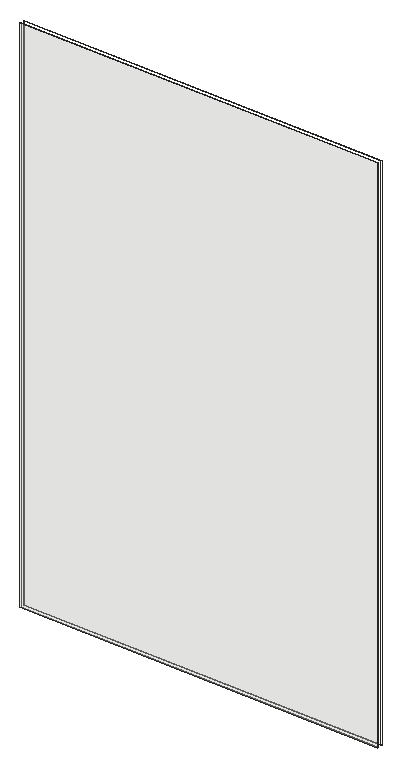
Revit family "Building-Materials_Glass-Glazing_Vitro-Architectural-Glass_SOLARBAN-60", category Curtain Panels, Revit 2026
Family settings
  Classification Number = 23.25.20.14.11.11.17
  Always vertical = Yes
  Cut with Voids When Loaded = No
  Shared = No
Parameters (values of type "Solarban 60 (2) Acuity + Acuity")
  Visual Light Transmittance = if(Glass Code = 1, 0.7, if(Glass Code = 2, 0.74, if(Glass Code = 3, 0.73, if(Glass Code = 4, 0.51, 0))))  # 0.73
  UV Light Transmittance = 0.2
  URL = "https://www.vitroglazings.com/"
  U-Value Argon (Winter Night) = 0.2400 BTU/(h·ft²·°F)
  U-Value Argon (Summer Day) = 0.2200 BTU/(h·ft²·°F)
  U-Value Air (Winter Night) = 0.2900 BTU/(h·ft²·°F)
  U-Value Air (Summer Day) = 0.2700 BTU/(h·ft²·°F)
  Total Thickness = Airspace Thickness + [1st Lite Thickness] + [2nd Lite Thickness]  # 0' - 1"
  Thermal Resistance (R) = 8.3333 (h·ft²·°F)/BTU  # constant formula
  Solar Light Transmittance = 0.35
  Solar Heat Gain Coefficient = if(Glass Code = 1, 0.39, if(Glass Code = 2, 0.41, if(Glass Code = 3, 0.41, if(Glass Code = 4, 0.32, 0))))  # 0.41
  Shadow Coefficient = 0.47
  Reflectance (Visible Interior) = 12
  Reflectance (Visible Exterior) = 11
  Product data url = "https://www.bimobject.com/vitroarchictecturalglass/product/solarban-60-solar-control-low-e-glass"
  Product Page URL = "https://www.vitroglazings.com/products/low-e-glass/solarban-60-glass/"
  Product Guid = "0178467a-f35e-4939-a411-7b08087ce613"
  Model = "Solarban 60 (2) Acuity + Acuity"
  Manufacturer = "Vitro Architectural Glass "  # constant formula
  Light to Solar Gain = 1.78
  Keynote = "08900"  # constant formula
  Interior Glass Material = Vitro Architectural-Glass - Acuity
  ISO Damage Weighted Transmittance = 0.565
  Heat Transfer Coefficient (U) = 0.2900 BTU/(h·ft²·°F)  # constant formula
  Glass Code = 3
  Finish = "Glass"  # constant formula
  Exterior Glass Material = Vitro Architectural-Glass - Solarban 60 (2) Acuity
  Description = "Achieve Year-Round Comfort with Energy Savings With its ability to block 62 percent of solar energy while allowing 70 percent of visible light to pass through, Solarban® 60 glass can help you provide year-round comfort with heating and cooling cost savings. Versatile Applications In addition to functioning with clear glass, Solarban® 60 glass also can be combined in insulating glass units (IGUs) with an outboard lite of tinted or reflective-tinted glass to increase aesthetic and performance options."  # constant formula
  Define Thermal Properties by = Schematic Type
  Assembly Code = "B2020220"
  Analytic Construction = "Low-E double glazing (1/4 in + 1/4 in)"
  Airspace Thickness = 0' - 0 1/2"  # constant formula
  2nd Lite Thickness = 0' - 0 1/4"  # constant formula
  1st Lite Thickness = 0' - 0 1/4"  # constant formula
Types (4): name | Visual Light Transmittance | UV Light Transmittance | Solar Light Transmittance | Solar Heat Gain Coefficient | Shadow Coefficient | Reflectance (Visible Interior) | Reflectance (Visible Exterior) | Model | Light to Solar Gain | Interior Glass Material | ISO Damage Weighted Transmittance | Glass Code | Exterior Glass Material
  Solarban 60 (2) Clear + Clear | 0.7 | 0.18 | 0.34 | 0.39 | 0.45 | 12 | 11 | "Solarban 60 (2) Clear + Clear" | 1.79 | Vitro Architectural-Glass - Clear | 0.533 | 1 | Vitro Architectural-Glass - Solarban 60 (2) Clear
  Solarban 60 (2) Starphire + Starphire | 0.74 | 0.24 | 0.39 | 0.41 | 0.48 | 12 | 11 | "Solarban 60 (2) Starphire + Starphire" | 1.8 | Vitro Architectural-Glass - Starphire | 0.58 | 2 | Vitro Architectural-Glass - Solarban 60 (2) Starphire
  Solarban 60 (2) Acuity + Acuity | 0.73 | 0.2 | 0.35 | 0.41 | 0.47 | 12 | 11 | "Solarban 60 (2) Acuity + Acuity" | 1.78 | Vitro Architectural-Glass - Acuity | 0.565 | 3 | Vitro Architectural-Glass - Solarban 60 (2) Acuity
  Solarban 60 (2) Optiblue + Clear | 0.51 | 0.14 | 0.26 | 0.32 | 0.37 | 11 | 8 | "Solarban 60 (2) Optiblue + Clear" | 1.59 | Vitro Architectural-Glass - Clear | 0.418 | 4 | Vitro Architectural-Glass - Solarban 60 (2) Optiblue
Reference planes (in)
  plane 1 "Front": y = 0
  plane 2: z = 0
  plane 3 "Center (Left/Right)": x = 0
  plane 4 "Left": x = -32.75106
  plane 5 "Right": x = 32.75106
  plane 6 "Top": z = 96
  plane 7: y = 0.25
  plane 8: y = -0.25
Forms (in)
  Extrusion 1, solid, material "Vitro Architectural-Glass - Acuity" <- "Interior Glass Material"
    sketch origin (0, 0.5, 0) x (1, 0, 0) y (0, 1, 0)
      loop
        line (-32.75106, 0) -> (-32.75106, -0.25) -> (32.75106, -0.25) -> (32.75106, 0) -> (-32.75106, 0)
    from 0 to 96
  Extrusion 2, solid, material "Vitro Architectural-Glass - Solarban 60 (2) Acuity" <- "Exterior Glass Material"
    sketch origin (0, -0.5, 0) x (1, 0, 0) y (0, 1, 0)
      loop
        line (-32.75106, 0.25) -> (-32.75106, 0) -> (32.75106, 0) -> (32.75106, 0.25) -> (-32.75106, 0.25)
    from 0 to 96
Text (in)
  text "Exterior" at (-54.29358, 31.38743, 0), in view "Ref. Level"
  text "Exterior" at (480, 41.53993, 89.60405), in view "Right"
  text "Exterior" at (-240, 57.82419, 105.78864), in view "Left"
Dimensions and locks (in)
  equal spacing: plane 4 "Left", plane 3 "Center (Left/Right)", plane 5 "Right"
  "2nd Lite Thickness": Extrusion 2 sketch curve to Extrusion 2 sketch curve
  equal spacing: plane 7, plane 1 "Front", plane 8
  "Airspace Thickness": plane 7 to plane 8
  "1st Lite Thickness": Extrusion 1 sketch curve to plane 7
  "Total Thickness": Extrusion 2 to Extrusion 1
  aligned and locked: level to plane 2
  aligned and locked: Extrusion 1 sketch curve to plane 4 "Left"
  aligned and locked: plane 5 "Right" to Extrusion 1 sketch curve
  aligned and locked: plane 5 "Right" to Extrusion 2 sketch curve
  aligned and locked: Extrusion 2 sketch curve to plane 4 "Left"
  aligned and locked: Extrusion 1 to plane 6 "Top"
  aligned and locked: Extrusion 1 to level
  aligned and locked: Extrusion 2 to plane 6 "Top"
  aligned and locked: Extrusion 2 to level
  aligned and locked: plane 8 to Extrusion 2
  aligned and locked: plane 7 to Extrusion 1 sketch curve
  aligned and locked: Extrusion 2 sketch curve to plane 8
